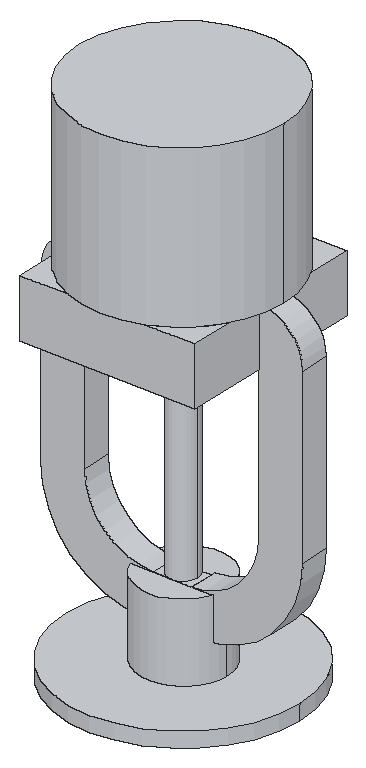
Revit family
Parameters (values of type "RASCO F156-300 PENDENT")
  Temperature Rating = 200 °F
  Response = (empty or 0)
  RASCO SIN # = "RA2514"
  RASCO Part # = "F56P3C3"
  Pressure Rating = "300 PSI"
  Pressure Class = 1
  Orifice Size = 1/2"
  Orifice = (empty or 0)
  Model = "F156-300"
  Manufacturer = "RASCO"
  K-Factor = 5.6
  Description = "Chrome Finish"
  Coverage = (empty or 0)
Reference planes (in)
  plane 1 "Center (Front/Back)": y = 0
  plane 2: z = 0
  plane 3 "Center (Left/Right)": x = 0
Dimensions and locks (in)
  aligned and locked: plane 2 to level
Nested families (in)
  nested 1: "F56P3C3" at (-0.0113, 0, 2.4375) x (-1, 0, 0) z (0, 0, -1), type "RASCO F156-300 PENDENT"
Connectors (in)
  piping at (-0.0113, 0, 2.4375)
    settings: on nested 1, index 1, connector radius 55/128", flow factor 0, pipe flow 0 GPM, pressure drop 0.00 psi, fitting loss kfactor 0, connector angle 0.00°, fixture units 0, flow configuration 0, flow direction 0, fitting loss method 0, system type 7, connector reference index -1, connector utility 0, adjustable connector no, is connector primary yes, fitting loss table "", connector description ""
Definition of nested family "F56P3C3"
  Parameters (values of type "RASCO F156-300 PENDENT")
    Type Comments = ""
    Temperature Rating = 0 °F
    Response = (empty or 0)
    Pressure Rating = "0"
    Pressure Class = (empty or 0)
    Orifice Size = 0"
    Orifice = (empty or 0)
    Model = ""
    Manufacturer = ""
    K-Factor = 0
    Description = ""
    Coverage = (empty or 0)
    Assembly Code = ""
  Reference planes (in)
    plane 1 "Center (Front/Back)": y = 0
    plane 2: z = 0
    plane 3 "ref.2": z = 0.6875
    plane 4 "ref.3": z = 0.9375
    plane 5: x = -0.38065
    plane 6: x = 0.36935
    plane 7 "ref. side 1": y = 0.06402
    plane 8 "ref. side 2": y = -0.06098
    plane 9 "ref.4": z = 1.875
    plane 10 "ref.5": z = 2.3125
    plane 11 "ref.6": z = 2.4375
  Forms (in)
    Extrusion 1, solid
      sketch origin (0, 0, 0) x (1, 0, 0) y (0, 1, 0)
        loop
          circle (0, 0) r 0.4379
      from 0 to 0.6875
    Extrusion 2, solid
      sketch origin (-0.12185, 0.05177, 0.6875) x (1, 0, 0) y (0, 1, 0)
        loop
          line (-0.2588, 0.356) -> (-0.2588, -0.4565) -> (0.4912, -0.4565) -> (0.4912, 0.356) -> (-0.2588, 0.356)
      from 0 to 0.25
    Extrusion 3, solid
      sketch origin (0, 0, 0) x (1, 0, 0) y (0, 0, 1)
        loop
          line (-0.38065, 0.68754) -> (-0.38065, 1.58397)
          arc (-0.38065, 1.58397) -> (-0.29541, 1.78976) -> (-0.08962, 1.875) r 0.29103
          line (-0.08962, 1.875) -> (0.07524, 1.875)
          arc (0.07524, 1.875) -> (0.28321, 1.78886) -> (0.36935, 1.58089) r 0.29411
          line (0.36935, 1.58089) -> (0.36935, 0.68751)
          arc (0.36935, 0.68751) -> (0.50207, 0.74393) -> (0.55685, 0.87734) r 0.18984
          line (0.55685, 0.87734) -> (0.55685, 1.61676)
          arc (0.55685, 1.61676) -> (0.42629, 1.93194) -> (0.11111, 2.0625) r 0.44574
          line (0.11111, 2.0625) -> (-0.12259, 2.0625)
          arc (-0.12259, 2.0625) -> (-0.43765, 1.932) -> (-0.56815, 1.61694) r 0.44556
          line (-0.56815, 1.61694) -> (-0.56815, 0.87876)
          arc (-0.56815, 0.87876) -> (-0.51345, 0.74486) -> (-0.38065, 0.68754) r 0.19126
      from -0.06402 to 0.06098
    Extrusion 4, solid
      sketch origin (0, 0, 0.9375) x (-1, 0, 0) y (0, -1, 0)
        loop
          circle (0.00574, -0.00152) r 0.0625
      from 0 to 0.9375
    Extrusion 5, solid
      sketch origin (0, 0, 1.875) x (-1, 0, 0) y (0, -1, 0)
        loop
          circle (0.00574, -0.00152) r 0.1875
      from 0 to 0.4375
    Extrusion 6, solid
      sketch origin (0, 0, 2.3125) x (0, -1, 0) y (1, 0, 0)
        loop
          circle (-0.00152, -0.00574) r 0.5
      from -0.10531 to -0.03987
  Cuts and joins
    joined: Extrusion 1, Extrusion 2, Extrusion 4
  Lines and regions (in)
    model lines
      curve 1: line (-0.00574, 0.06402, 1.875) -> (-0.00574, -0.06098, 1.875)
